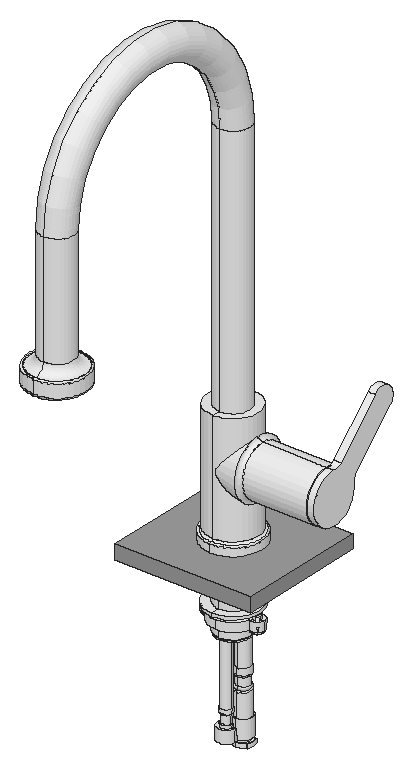
Revit family "SPP-4310-PD", category Plumbing Fixtures, host Face, Revit 2019
Family settings
  Host = Face
  Round Connector Dimension = Use Diameter
  Part Type = Normal
  OmniClass Number = 23.65.55.00
  OmniClass Title = Distribution of Supplied Liquids/Gases
  Cut with Voids When Loaded = No
  Shared = No
  Room Calculation Point = No
Parameters (values of type "2.2 GPM, Polished Chrome")
  zz Text 2 = "None Selected"
  zz Text 1 = "None Selected"
  zz Length 9 [instance] = 0.000"
  zz Length 10 [instance] = 0.000"
  Waste Connection = no
  Vent Connection = no
  URL = ""
  Product Page URL = ""
  Product Material = Chrome - Symmons - Polished
  Product Documentation Link = ""
  Part Number [instance] = ""
  Part Description [instance] = ""
  Model Disclaimer = ""
  Model = ""
  Manufacturer = ""
  HW Connection = no
  Gallons Per Minute = 2.2 GPM
  Family Version = ""
  Equipment Number [instance] = ""
  Equipment Abbreviation = ""
  Description = ""
  Default Elevation = 0.000"
  Date Modified = ""
  Date Created = ""
  Copyright = ""
  CW Connection = no
Types (6): name | Product Material | Gallons Per Minute
  1.5 GPM, Polished Chrome | Chrome - Symmons - Polished | 1.5 GPM
  1.5 GPM, Matte Black | Matte Black - Symmons | 1.5 GPM
  1.5 GPM, Stainless Steel | Stainless - Symmons - Polished | 1.5 GPM
  2.2 GPM, Matte Black | Matte Black - Symmons | 2.2 GPM
  2.2 GPM, Polished Chrome | Chrome - Symmons - Polished | 2.2 GPM
  2.2 GPM, Stainless Steel | Stainless - Symmons - Polished | 1.5 GPM
Reference planes (in)
  plane 1 "Center (Front/Back)": y = 0
  plane 2 "Center (Elevation)": z = 0
  plane 3 "Center (Left/Right)": x = 0
  plane 4: x = -16
  plane 5: y = 3.75
  plane 6: y = -3.75
  plane 7: x = 16
  plane 8: z = 0
  plane 9: x = 3.25
  plane 10: x = -3.25
  plane 11: y = -5.75
Forms (in)
  Extrusion 1, solid, material "Default"
    sketch origin (0, 0, 0) x (1, 0, 0) y (0, 1, 0)
      loop
        line (-2.3838, 2.30333) -> (-2.3838, -2.29573) -> (2.45074, -2.29573) -> (2.45074, 2.30333) -> (-2.3838, 2.30333)
    from 0 to -0.49403
  Sweep 2, solid, material "Chrome - Symmons - Polished" <- "Product Material"
    path origin (0, 0, 0) x (0, 1, 0) y (0, 0, 1)
      loop
        line (-7.87383, 9.37598) -> (-7.87383, 13.37598)
        arc (-7.87383, 13.37598) -> (-3.93692, 17.3129) -> (0, 13.37598) r 3.93692
        line (0, 13.37598) -> (0, 4.33071)
    profile origin (0, -7.87383, 11.37598) x (0, -1, 0) y (1, 0, 0)
      loop
        circle (0, 0) r 0.58957
  Revolve 3, solid, material "Chrome - Symmons - Polished" <- "Product Material"
    sketch origin (0, 0, 0) x (0, 1, 0) y (0, 0, 1)
      loop
        line (0.00019, 4.33071) -> (0.00019, -2.99684) -> (0.58091, -2.99684) -> (0.58091, -2.93973) -> (0.62226, -2.89838) -> (0.62226, -2.55315) -> (0.79389, -2.55315) -> (0.79389, -2.25) -> (0.62311, -2.25) -> (0.62311, -2.08071) -> (0.94018, -2.08071) -> (0.94018, -1.98071) -> (0.62311, -1.98071) -> (0.62311, 0) -> (1.02381, 0) -> (1.02381, 0.27559)
        arc (1.02381, 0.27559) -> (1.00866, 0.3071) -> (0.9746, 0.31496) r 0.04036
        arc (0.9746, 0.31496) -> (0.91892, 0.33803) -> (0.89585, 0.39371) r 0.07875
        line (0.89585, 0.39371) -> (0.89585, 4.33071) -> (0.00019, 4.33071)
      axis (0, 4.33071) -> (0, -2.99684)
    angle from 0 to 360
  Revolve 4, solid, material "Chrome - Symmons - Polished" <- "Product Material"
    sketch origin (0, 0, 0) x (0, 1, 0) y (0, 0, 1)
      loop
        line (-7.87383, 9.3878) -> (-7.87383, 8.47755) -> (-6.88687, 8.47755)
        arc (-6.88687, 8.47755) -> (-6.85356, 8.48648) -> (-6.83898, 8.51773) r 0.0408
        line (-6.83898, 8.51773) -> (-6.83898, 8.98942)
        arc (-6.83898, 8.98942) -> (-6.85348, 9.02061) -> (-6.88669, 9.02953) r 0.04066
        line (-6.88669, 9.02953) -> (-6.9279, 9.02953)
        arc (-6.9279, 9.02953) -> (-7.18123, 9.13446) -> (-7.28617, 9.3878) r 0.35827
        line (-7.28617, 9.3878) -> (-7.87383, 9.3878)
      axis (-7.87383, 9.3878) -> (-7.87383, 8.47755)
    angle from 0 to 360
  Revolve 5, solid, material "Chrome - Symmons - Polished" <- "Product Material"
    sketch origin (0, 0, 0) x (1, 0, 0) y (0, 0, 1)
      loop
        line (3.33741, 3.45304) -> (1.04851, 3.45304)
        arc (1.04851, 3.45304) -> (0.93927, 3.49828) -> (0.89402, 3.60753) r 0.15449
        line (0.89402, 3.60753) -> (0.08741, 3.45304) -> (0.08741, 2.55527) -> (3.33741, 2.55527) -> (3.33741, 3.45304)
      axis (0.08741, 2.55527) -> (3.33741, 2.55527)
    angle from 0 to 360
  Extrusion 6, solid, material "Chrome - Symmons - Polished" <- "Product Material"
    sketch origin (0, 0, 0) x (0, 1, 0) y (0, 0, 1)
      loop
        arc (0, 1.65751) -> (0.66788, 1.95535) -> (0.8935, 2.65135) r 0.89776
        arc (0.8935, 2.65135) -> (0.91056, 2.79772) -> (0.98911, 2.92239) r 0.33297
        line (0.98911, 2.92239) -> (2.51705, 4.45033)
        arc (2.51705, 4.45033) -> (2.49105, 5.06899) -> (1.87191, 5.06032) r 0.44411
        line (1.87191, 5.06032) -> (0.34397, 3.53238)
        arc (0.34397, 3.53238) -> (0.18336, 3.44337) -> (0, 3.45304) r 0.33297
        arc (0, 3.45304) -> (-0.89776, 2.55527) -> (0, 1.65751) r 0.89776
    from 3.33741 to 3.59701
  Revolve 7, solid, material "Chrome - Symmons - Polished" <- "Product Material"
    sketch origin (0, 0, 0) x (1, 0, 0) y (0, 0, 1)
      loop
        line (-0.86618, -2.08071) -> (-0.95572, -2.08071) -> (-0.98395, -2.10048) -> (-0.98395, -2.25) -> (-1.12208, -2.25) -> (-1.11411, -2.55315) -> (-1.08256, -2.55315) -> (-1.08256, -2.63599)
        arc (-1.08256, -2.63599) -> (-0.98109, -2.69363) -> (-0.86618, -2.71394) r 0.34316
        line (-0.86618, -2.71394) -> (-0.86618, -2.08071)
      axis (-0.86614, -2.71394) -> (-0.86614, -2.08071)
    angle from 0 to 360
  Revolve 8, solid, material "Chrome - Symmons - Polished" <- "Product Material"
    sketch origin (1.73228, 0, 0) x (1, 0, 0) y (0, 0, 1)
      loop
        line (-0.86618, -2.08071) -> (-0.95572, -2.08071) -> (-0.98395, -2.10048) -> (-0.98395, -2.25) -> (-1.12208, -2.25) -> (-1.11411, -2.55315) -> (-1.08256, -2.55315) -> (-1.08256, -2.63599)
        arc (-1.08256, -2.63599) -> (-0.98109, -2.69363) -> (-0.86618, -2.71394) r 0.34316
        line (-0.86618, -2.71394) -> (-0.86618, -2.08071)
      axis (-0.86614, -2.71394) -> (-0.86614, -2.08071)
    angle from 0 to 360
  Revolve 9, solid, material "Chrome - Symmons - Polished" <- "Product Material"
    sketch origin (0, -0.35415, 0) x (1, 0, 0) y (0, 0, 1)
      loop
        line (0.03937, -2.99684) -> (-0.13859, -2.99684) -> (-0.13859, -5.21654) -> (-0.17024, -5.21654) -> (-0.17024, -5.35569) -> (-0.12792, -5.39801) -> (-0.12792, -5.69945) -> (-0.15851, -5.73004) -> (-0.15851, -5.80709) -> (-0.27559, -5.80709) -> (-0.27559, -6.24016) -> (0.03937, -6.24016) -> (0.03937, -2.99684)
      axis (0.03937, -6.24016) -> (0.03937, -2.99684)
    angle from 0 to 360
  Revolve 10, solid, material "Chrome - Symmons - Polished" <- "Product Material"
    sketch origin (0, 0.35452, 0) x (1, 0, 0) y (0, 0, 1)
      loop
        line (0.03937, -2.99684) -> (-0.13859, -2.99684) -> (-0.13859, -5.21654) -> (-0.17024, -5.21654) -> (-0.17024, -5.35569) -> (-0.12792, -5.39801) -> (-0.12792, -5.69945) -> (-0.15851, -5.73004) -> (-0.15851, -5.80709) -> (-0.27559, -5.80709) -> (-0.27559, -6.24016) -> (0.03937, -6.24016) -> (0.03937, -2.99684)
      axis (0.03937, -6.24016) -> (0.03937, -2.99684)
    angle from 0 to 360
  Revolve 11, solid, material "Chrome - Symmons - Polished" <- "Product Material"
    sketch origin (0.35543, 0, 0) x (0, 1, 0) y (0, 0, 1)
      loop
        line (0, -2.99684) -> (0, -6.3937) -> (0.32499, -6.3937) -> (0.32499, -6.26378) -> (0.24062, -6.26378) -> (0.24062, -6.14567) -> (0.32736, -6.14567) -> (0.32736, -5.49606) -> (0.27557, -5.49606) -> (0.27557, -4.66835)
        arc (0.27557, -4.66835) -> (0.26432, -4.64118) -> (0.23715, -4.62992) r 0.03843
        line (0.23715, -4.62992) -> (0.18524, -4.62992)
        arc (0.18524, -4.62992) -> (0.25519, -4.57657) -> (0.22577, -4.49459) r 0.07308
        line (0.22577, -4.49459) -> (0.22577, -4.19467)
        arc (0.22577, -4.19467) -> (0.25681, -4.16571) -> (0.26791, -4.12473) r 0.07745
        line (0.26791, -4.12473) -> (0.26791, -3.89681) -> (0.2363, -3.89681) -> (0.2363, -2.99684) -> (0, -2.99684)
      axis (0, -2.99684) -> (0, -6.3937)
    angle from 0 to 360
  Extrusion 12, solid, material "Chrome - Symmons - Polished" <- "Product Material"
    sketch origin (0, 0, 0) x (1, 0, 0) y (0, 1, 0)
      loop
        line (0.09699, 0.19704) -> (0.03631, 0.19704)
        arc (0.03631, 0.19704) -> (-0.02172, 0.00018) -> (0.03631, -0.19667) r 0.36292
        line (0.03631, -0.19667) -> (0.09671, -0.19667)
        arc (0.09671, -0.19667) -> (0.03045, 0.00023) -> (0.09699, 0.19704) r 0.32499
      loop
        arc (0.61388, 0.19704) -> (0.68042, 0.00023) -> (0.61416, -0.19667) r 0.32499
        line (0.61416, -0.19667) -> (0.67456, -0.19667)
        arc (0.67456, -0.19667) -> (0.73258, 0.00018) -> (0.67456, 0.19704) r 0.36292
        line (0.67456, 0.19704) -> (0.61388, 0.19704)
    from -6.3937 to -6.26378
Dimensions and locks (in)
  equal spacing: plane 4, plane 3 "Center (Left/Right)", plane 7, locked at 16 each
  plane 4 to plane 7 = 32.000"
  equal spacing: plane 5, plane 1 "Center (Front/Back)", plane 6
  locked: plane 5 to plane 6 at 7.5
  equal spacing: plane 10, plane 3 "Center (Left/Right)", plane 9
  locked: plane 10 to plane 9 at 6.5
  locked: plane 6 to plane 11 at 2
  aligned and locked: plane 2 "Center (Elevation)" to Extrusion 1
  aligned and locked: level to Extrusion 1
Automatic sketch dimensions
  Extrusion 1 sketch curve to Extrusion 1 sketch curve = 4.83454"
  Extrusion 1 sketch curve to Extrusion 1 sketch curve = 4.59907"
  Sweep 2 sketch curve to plane 1 "Center (Front/Back)" = 0.000"
  Sweep 2 sketch curve to plane 6 = 0.18692"
  level to Sweep 2 sketch curve = 13.37598"
  Sweep 2 sketch curve to Sweep 2 sketch curve = 4.000"
  level to Sweep 2 sketch curve = 4.33071"
  Sweep 2 sketch curve to plane 3 "Center (Left/Right)" = 0.000"
  Sweep 2 sketch curve to profile plane = 0.000"
  Revolve 3 sketch curve to plane 1 "Center (Front/Back)" = 0.000"
  Revolve 3 sketch curve to level = 0.000"
  Revolve 3 sketch curve to plane 1 "Center (Front/Back)" = 0.00019"
  Revolve 3 sketch curve to Revolve 3 sketch curve = 0.58072"
  Revolve 3 sketch curve to Revolve 3 sketch curve = 0.04135"  (x2)
  Revolve 3 sketch curve to Revolve 3 sketch curve = 0.00085"
  Revolve 3 sketch curve to plane 1 "Center (Front/Back)" = 0.62311"
  Revolve 3 sketch curve to Revolve 3 sketch curve = 0.17163"
  Revolve 3 sketch curve to Revolve 3 sketch curve = 0.89566"
  Revolve 3 sketch curve to Revolve 3 sketch curve = 0.1463"
  Revolve 3 sketch curve to Revolve 3 sketch curve = 0.07875"
  Revolve 3 sketch curve to Revolve 3 sketch curve = 0.00885"
  Revolve 3 sketch curve to Revolve 3 sketch curve = 0.04036"
  Revolve 3 sketch curve to level = 1.98071"
  Revolve 3 sketch curve to Revolve 3 sketch curve = 0.100"
  Revolve 3 sketch curve to Revolve 3 sketch curve = 0.16929"
  Revolve 3 sketch curve to Revolve 3 sketch curve = 0.30315"
  Revolve 3 sketch curve to Revolve 3 sketch curve = 0.34523"
  Revolve 3 sketch curve to Revolve 3 sketch curve = 0.0571"
  Revolve 3 sketch curve to Revolve 3 sketch curve = 0.27559"
  Revolve 3 sketch curve to Revolve 3 sketch curve = 3.937"
  Revolve 3 sketch curve to Revolve 3 sketch curve = 21.00316"
  Revolve 3 sketch curve to Revolve 3 sketch curve = 87.94515"
  Revolve 4 sketch curve to plane 11 = 2.12383"
  Revolve 4 sketch curve to Revolve 4 sketch curve = 0.58767"
  Revolve 4 sketch curve to Revolve 4 sketch curve = 0.35827"
  Revolve 4 sketch curve to Revolve 4 sketch curve = 0.04103"
  Revolve 4 sketch curve to Revolve 4 sketch curve = 0.00709"
  Revolve 4 sketch curve to Revolve 4 sketch curve = 0.04826"
  Revolve 4 sketch curve to Revolve 4 sketch curve = 0.04066"
  level to Revolve 4 sketch curve = 8.47755"
  Revolve 4 sketch curve to Revolve 4 sketch curve = 0.47169"
  Revolve 4 sketch curve to Revolve 4 sketch curve = 0.00007"
  Revolve 4 sketch curve to Revolve 4 sketch curve = 0.04004"
  Revolve 4 sketch curve to Revolve 4 sketch curve = 0.000"  (x2)
  Revolve 4 sketch curve to Revolve 4 sketch curve = 0.76393"
  plane 3 "Center (Left/Right)" to Revolve 5 sketch curve = 0.08741"
  Revolve 5 sketch curve to Revolve 5 sketch curve = 0.80662"
  Revolve 5 sketch curve to Revolve 5 sketch curve = 0.15449"
  plane 9 to Revolve 5 sketch curve = 0.08741"
  level to Revolve 5 sketch curve = 2.55527"  (x2)
  Revolve 5 sketch curve to Revolve 5 sketch curve = 0.89776"
  Revolve 5 sketch curve to Revolve 5 sketch curve = 0.000"  (x2)
  Revolve 5 sketch curve to Revolve 5 sketch curve = 2.750"
  Extrusion 6 sketch curve to Extrusion 6 sketch curve = 0.000"  (x2)
  Extrusion 6 sketch curve to plane 1 "Center (Front/Back)" = 0.000"
  Extrusion 6 sketch curve to plane 1 "Center (Front/Back)" = 0.10852"
  Extrusion 6 sketch curve to Extrusion 6 sketch curve = 0.23545"  (x4)
  Extrusion 6 sketch curve to Extrusion 6 sketch curve = 0.64515"
  Extrusion 6 sketch curve to plane 1 "Center (Front/Back)" = 1.87191"
  Extrusion 6 sketch curve to Extrusion 6 sketch curve = 0.31403"
  Extrusion 6 sketch curve to Extrusion 6 sketch curve = 0.33112"
  level to Extrusion 6 sketch curve = 2.55527"
  Extrusion 6 sketch curve to Extrusion 6 sketch curve = 0.13167"
  Extrusion 6 sketch curve to Extrusion 6 sketch curve = 0.60999"
  Extrusion 6 sketch curve to Extrusion 6 sketch curve = 1.52794"
  Extrusion 6 sketch curve to Extrusion 6 sketch curve = 0.29596"
  Extrusion 6 sketch curve to Extrusion 6 sketch curve = 0.0965"
  Extrusion 6 sketch curve to Extrusion 6 sketch curve = 0.00088"
  Revolve 7 sketch curve to plane 3 "Center (Left/Right)" = 1.12208"
  Revolve 7 sketch curve to Revolve 7 sketch curve = 0.00798"
  Revolve 7 sketch curve to Revolve 7 sketch curve = 0.03155"
  Revolve 7 sketch curve to Revolve 7 sketch curve = 0.13813"
  Revolve 7 sketch curve to Revolve 7 sketch curve = 0.02823"
  Revolve 7 sketch curve to Revolve 7 sketch curve = 0.08953"
  Revolve 7 sketch curve to Revolve 7 sketch curve = 0.11917"
  Revolve 7 sketch curve to level = 2.71394"
  Revolve 7 sketch curve to Revolve 7 sketch curve = 0.07795"
  Revolve 7 sketch curve to Revolve 7 sketch curve = 0.08284"
  Revolve 7 sketch curve to Revolve 7 sketch curve = 0.12078"
  Revolve 7 sketch curve to Revolve 7 sketch curve = 0.14952"
  Revolve 7 sketch curve to Revolve 7 sketch curve = 0.01977"
  Revolve 7 sketch curve to Revolve 7 sketch curve = 0.00004"
  Revolve 7 sketch curve to Revolve 7 sketch curve = 0.11355"
  Revolve 7 sketch curve to Revolve 7 sketch curve = 0.23031"
  plane 3 "Center (Left/Right)" to Revolve 8 sketch curve = 0.6102"
  Revolve 8 sketch curve to Revolve 8 sketch curve = 0.00798"
  Revolve 8 sketch curve to Revolve 8 sketch curve = 0.03155"
  Revolve 8 sketch curve to Revolve 8 sketch curve = 0.13813"
  Revolve 8 sketch curve to Revolve 8 sketch curve = 0.02823"
  Revolve 8 sketch curve to Revolve 8 sketch curve = 0.08953"
  Revolve 8 sketch curve to Revolve 8 sketch curve = 0.11917"
  Revolve 8 sketch curve to level = 2.71394"
  Revolve 8 sketch curve to Revolve 8 sketch curve = 0.07795"
  Revolve 8 sketch curve to Revolve 8 sketch curve = 0.08284"
  Revolve 8 sketch curve to Revolve 8 sketch curve = 0.12078"
  Revolve 8 sketch curve to Revolve 8 sketch curve = 0.14952"
  Revolve 8 sketch curve to Revolve 8 sketch curve = 0.01977"
  Revolve 8 sketch curve to Revolve 8 sketch curve = 0.00004"
  Revolve 8 sketch curve to Revolve 8 sketch curve = 0.11355"
  Revolve 8 sketch curve to Revolve 8 sketch curve = 0.23031"
  Revolve 9 sketch curve to plane 3 "Center (Left/Right)" = 0.27559"
  Revolve 9 sketch curve to plane 3 "Center (Left/Right)" = 0.17024"
  Revolve 9 sketch curve to Revolve 9 sketch curve = 0.11708"
  Revolve 9 sketch curve to plane 3 "Center (Left/Right)" = 0.13859"
  Revolve 9 sketch curve to Revolve 9 sketch curve = 0.04232"  (x2)
  plane 3 "Center (Left/Right)" to Revolve 9 sketch curve = 0.03937"
  Revolve 9 sketch curve to level = 6.24016"
  Revolve 9 sketch curve to Revolve 9 sketch curve = 0.43307"
  Revolve 9 sketch curve to Revolve 9 sketch curve = 0.07705"
  Revolve 9 sketch curve to Revolve 9 sketch curve = 0.03059"
  Revolve 9 sketch curve to Revolve 9 sketch curve = 0.30144"
  Revolve 9 sketch curve to Revolve 9 sketch curve = 0.13915"
  Revolve 9 sketch curve to Revolve 9 sketch curve = 2.2197"
  Revolve 9 sketch curve to Revolve 9 sketch curve = 0.000"
  Revolve 9 sketch curve to Revolve 9 sketch curve = 0.47043"
  Revolve 9 sketch curve to Revolve 9 sketch curve = 0.03625"
  Revolve 10 sketch curve to plane 3 "Center (Left/Right)" = 0.27559"
  Revolve 10 sketch curve to plane 3 "Center (Left/Right)" = 0.17024"
  Revolve 10 sketch curve to Revolve 10 sketch curve = 0.11708"
  Revolve 10 sketch curve to plane 3 "Center (Left/Right)" = 0.13859"
  Revolve 10 sketch curve to Revolve 10 sketch curve = 0.04232"  (x2)
  plane 3 "Center (Left/Right)" to Revolve 10 sketch curve = 0.03937"
  Revolve 10 sketch curve to level = 6.24016"
  Revolve 10 sketch curve to Revolve 10 sketch curve = 0.43307"
  Revolve 10 sketch curve to Revolve 10 sketch curve = 0.07705"
  Revolve 10 sketch curve to Revolve 10 sketch curve = 0.03059"
  Revolve 10 sketch curve to Revolve 10 sketch curve = 0.30144"
  Revolve 10 sketch curve to Revolve 10 sketch curve = 0.13915"
  Revolve 10 sketch curve to Revolve 10 sketch curve = 2.2197"
  Revolve 10 sketch curve to Revolve 10 sketch curve = 0.000"
  Revolve 10 sketch curve to Revolve 10 sketch curve = 0.47043"
  Revolve 10 sketch curve to Revolve 10 sketch curve = 0.03625"
  Revolve 11 sketch curve to plane 1 "Center (Front/Back)" = 0.000"  (x2)
  Revolve 11 sketch curve to plane 1 "Center (Front/Back)" = 0.18524"
  Revolve 11 sketch curve to plane 1 "Center (Front/Back)" = 0.19047"
  Revolve 11 sketch curve to Revolve 11 sketch curve = 0.04053"
  Revolve 11 sketch curve to Revolve 11 sketch curve = 0.04582"
  Revolve 11 sketch curve to Revolve 11 sketch curve = 0.0519"
  Revolve 11 sketch curve to plane 1 "Center (Front/Back)" = 0.24062"
  Revolve 11 sketch curve to Revolve 11 sketch curve = 0.03162"
  Revolve 11 sketch curve to plane 1 "Center (Front/Back)" = 0.27557"
  Revolve 11 sketch curve to Revolve 11 sketch curve = 0.08437"
  Revolve 11 sketch curve to Revolve 11 sketch curve = 0.05179"
  Revolve 11 sketch curve to level = 6.3937"
  Revolve 11 sketch curve to Revolve 11 sketch curve = 0.12992"
  Revolve 11 sketch curve to Revolve 11 sketch curve = 0.11811"
  Revolve 11 sketch curve to Revolve 11 sketch curve = 0.64961"
  Revolve 11 sketch curve to Revolve 11 sketch curve = 0.82771"
  Revolve 11 sketch curve to Revolve 11 sketch curve = 0.07452"
  Revolve 11 sketch curve to Revolve 11 sketch curve = 0.06081"
  Revolve 11 sketch curve to Revolve 11 sketch curve = 0.29992"
  Revolve 11 sketch curve to Revolve 11 sketch curve = 0.06893"
  Revolve 11 sketch curve to Revolve 11 sketch curve = 0.22792"
  Revolve 11 sketch curve to Revolve 11 sketch curve = 0.89998"
  Revolve 11 sketch curve to Revolve 11 sketch curve = 0.000"  (x2)
  Revolve 11 sketch curve to Revolve 11 sketch curve = 0.66318"
  Extrusion 12 sketch curve to Extrusion 12 sketch curve = 0.000"  (x2)
  plane 1 "Center (Front/Back)" to Extrusion 12 sketch curve = 0.000"
  plane 3 "Center (Left/Right)" to Extrusion 12 sketch curve = 0.03631"  (x2)
  Extrusion 12 sketch curve to Extrusion 12 sketch curve = 0.0604"  (x2)
  Extrusion 12 sketch curve to Extrusion 12 sketch curve = 0.06068"
  Extrusion 12 sketch curve to Extrusion 12 sketch curve = 0.24422"  (x2)
  Extrusion 12 sketch curve to Extrusion 12 sketch curve = 0.01422"  (x2)
  Extrusion 12 sketch curve to plane 1 "Center (Front/Back)" = 0.00018"
  plane 1 "Center (Front/Back)" to Extrusion 12 sketch curve = 0.19667"  (x2)
  Extrusion 12 sketch curve to Extrusion 12 sketch curve = 0.2445"
  radius of Sweep 2 sketch curve = 0.58957"
Connectors (in)
  piping at (0.03937, 0.35452, -6.24016), diameter 0.5
    settings: on Revolve 10, index 1, connector inside diameter 24", connector length 0.000", flow factor 0, pipe flow 0 GPM, pressure drop 0.00 psi, fitting loss kfactor 0, connector angle 0.000°, fixture units 0, engagement length 0.000", angle of deflection 0.000°, flow configuration 0, flow direction 1, fitting loss method 0, system type 20, joint type 0, gender type 0, connector reference index -1, connector utility 0, adjustable connector no, is connector primary yes, connector description ""
  piping at (0.03937, -0.35415, -6.24016), diameter 0.5
    settings: on Revolve 9, index 2, connector inside diameter 24", connector length 0.000", flow factor 0, pipe flow 0 GPM, pressure drop 0.00 psi, fitting loss kfactor 0, connector angle 0.000°, fixture units 0, engagement length 0.000", angle of deflection 0.000°, flow configuration 0, flow direction 1, fitting loss method 0, system type 19, joint type 0, gender type 0, connector reference index -1, connector utility 0, adjustable connector no, is connector primary no, connector description ""
